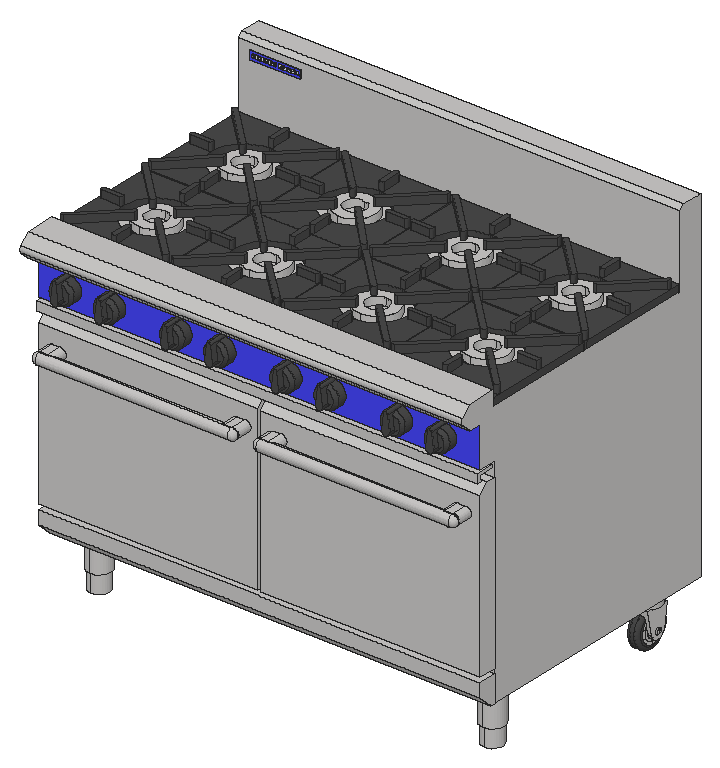
Revit family "QF_MOFFAT_BLUESEAL_CE_G528D", category Specialty Equipment, Revit 2012 (continued)
Definition of nested family "GAS BURNER 1200"
  Automatic sketch dimensions
    plane 1 "BACK" to Extrusion 10 sketch curve = 109.5 mm
    Extrusion 10 sketch curve to Extrusion 10 sketch curve = 27 mm  (x2)
    Extrusion 10 sketch curve to Extrusion 10 sketch curve = 30 mm  (x2)
    Extrusion 10 sketch curve to plane 8 "Center X" = 92 mm
    plane 7 "Center Y" to Extrusion 10 sketch curve = 151 mm  (x2)
    plane 1 "BACK" to Extrusion 11 sketch curve = 0 mm
    plane 5 "FRONT" to Extrusion 11 sketch curve = 0 mm
    plane 4 "RIGHT" to Extrusion 11 sketch curve = 1 mm  (x2)
    plane 1 "BACK" to Extrusion 11 sketch curve = 3 mm  (x2)
    plane 8 "Center X" to Extrusion 11 sketch curve = 149 mm
    plane 8 "Center X" to Extrusion 11 sketch curve = 2 mm  (x2)
    Extrusion 11 sketch curve to plane 8 "Center X" = 1 mm
    Extrusion 11 sketch curve to Extrusion 11 sketch curve = 3 mm  (x3)
    Extrusion 11 sketch curve to plane 8 "Center X" = 151 mm
    Extrusion 11 sketch curve to plane 5 "FRONT" = 3 mm  (x2)
    plane 4 "RIGHT" to Extrusion 11 sketch curve = 149.991 mm  (x2)
    Extrusion 11 sketch curve to Extrusion 11 sketch curve = 146.009 mm  (x2)
    Extrusion 12 sketch curve to Extrusion 11 = 22.602 mm  (x2)
    Extrusion 12 sketch curve to Extrusion 11 = 25.398 mm  (x2)
    Extrusion 12 sketch curve to Extrusion 12 sketch curve = 4.525 mm  (x16)
    Extrusion 12 sketch curve to Extrusion 12 sketch curve = 49.204 mm  (x4)
    Extrusion 12 sketch curve to Extrusion 12 sketch curve = 55.923 mm  (x5)
    Extrusion 12 sketch curve to Extrusion 12 sketch curve = 0 mm  (x6)
    Extrusion 12 sketch curve to Extrusion 12 sketch curve = 20.524 mm  (x7)
    Extrusion 12 sketch curve to Extrusion 12 sketch curve = 6.4 mm  (x8)
    Extrusion 12 sketch curve to Extrusion 12 sketch curve = 53.847 mm  (x8)
    Extrusion 12 sketch curve to Extrusion 11 = 56.602 mm
    Extrusion 12 sketch curve to Extrusion 11 = 5.102 mm  (x6)
    Extrusion 12 sketch curve to Extrusion 11 = 13.653 mm  (x2)
    Extrusion 12 sketch curve to Extrusion 11 = 7.398 mm  (x2)
    Extrusion 12 sketch curve to Extrusion 11 = 4.602 mm  (x2)
    Extrusion 12 sketch curve to Extrusion 11 = 7.898 mm  (x4)
    Extrusion 12 sketch curve to Extrusion 11 = 31.653 mm  (x2)
    Extrusion 12 sketch curve to Extrusion 11 = 57.102 mm  (x2)
    Extrusion 12 sketch curve to Extrusion 11 = 14.153 mm
    Extrusion 13 sketch curve to Extrusion 13 sketch curve = 0 mm  (x24)
    plane 1 "BACK" to Extrusion 13 sketch curve = 109.5 mm
    Extrusion 13 sketch curve to Extrusion 13 sketch curve = 27 mm  (x2)
    Extrusion 13 sketch curve to Extrusion 13 sketch curve = 30 mm  (x2)
    Extrusion 13 sketch curve to plane 8 "Center X" = 92 mm
    plane 4 "RIGHT" to Extrusion 13 sketch curve = 150 mm  (x2)
    radius of Extrusion 1 sketch curve = 84.082 mm  (x2)
    radius of Extrusion 4 sketch curve = 84.082 mm  (x2)
    radius of Extrusion 9 sketch curve = 84.082 mm  (x2)
    radius of Extrusion 11 sketch curve = 84.082 mm  (x2)
Definition of nested family "WALDORF LOGO_FACE BASE"
  Parameters (values of type "WALDORF LOGO_FACE BASE")
    Show Logo [instance] = yes
    Default Elevation = 1219.2 mm
  Reference planes
    plane 1 "Center (Front/Back)": y = 0
    plane 2: z = 0
    plane 3 "Center (Left/Right)": x = 0
  Forms (mm)
    Extrusion 1, solid
      sketch origin (0, 0, 0) x (1, 0, 0) y (0, 1, 0)
        loop
          line (-1219.2, 1219.2) -> (-1219.2, -1219.2) -> (1219.2, -1219.2) -> (1219.2, 1219.2) -> (-1219.2, 1219.2)
      from 0 to -304.8
    Extrusion 2, solid, material "QF_Finishes_Blue", visible <- "Show Logo"
      sketch origin (0, -33.217, 0) x (1, 0, 0) y (0, 1, 0)
        loop
          arc (138, 31.942) -> (137.626, 32.844) -> (136.724, 33.217) r 1.276
          line (136.724, 33.217) -> (1.29, 33.217)
          arc (1.29, 33.217) -> (0.378, 32.839) -> (0, 31.927) r 1.29
          line (0, 31.927) -> (0, 11.507)
          arc (0, 11.507) -> (0.378, 10.595) -> (1.29, 10.217) r 1.29
          line (1.29, 10.217) -> (136.71, 10.217)
          arc (136.71, 10.217) -> (137.622, 10.595) -> (138, 11.507) r 1.29
          line (138, 11.507) -> (138, 31.942)
      from 0 to 1.588
    Extrusion 3, solid, material "QF_Finishes_White", visible <- "Show Logo"
      sketch origin (0, -33.217, 1.588) x (1, 0, 0) y (0, 1, 0)
        loop
          arc (108.946, 25.919) -> (107.613, 25.367) -> (107.061, 24.034) r 1.885
          line (107.061, 24.034) -> (107.061, 17.211) -> (112.704, 17.211) -> (112.704, 19.129) -> (115.546, 19.129) -> (115.546, 17.211) -> (121.584, 17.211) -> (121.584, 24.075)
          arc (121.584, 24.075) -> (121.043, 25.379) -> (119.739, 25.919) r 1.845
          line (119.739, 25.919) -> (108.946, 25.919)
        loop
          line (123.478, 25.919) -> (123.478, 17.163) -> (134.904, 17.163) -> (134.904, 19.129) -> (129.246, 19.129) -> (129.246, 25.919) -> (123.478, 25.919)
        loop
          line (112.704, 21.258) -> (115.546, 21.258) -> (115.546, 22.702)
          arc (115.546, 22.702) -> (115.344, 23.188) -> (114.858, 23.389) r 0.687
          line (114.858, 23.389) -> (113.363, 23.389)
          arc (113.363, 23.389) -> (112.897, 23.196) -> (112.704, 22.73) r 0.658
          line (112.704, 22.73) -> (112.704, 21.258)
        loop
          line (105.071, 25.919) -> (93.771, 25.919) -> (93.771, 17.163) -> (105.071, 17.163) -> (105.071, 19.063) -> (99.535, 19.063) -> (99.535, 20.437) -> (105.071, 20.437) -> (105.071, 22.278) -> (99.535, 22.278) -> (99.535, 23.587) -> (105.071, 23.587) -> (105.071, 25.919)
        loop
          line (91.104, 25.919) -> (79.541, 25.919)
          arc (79.541, 25.919) -> (78.558, 25.513) -> (78.152, 24.53) r 1.389
          line (78.152, 24.53) -> (78.152, 22.08)
          arc (78.152, 22.08) -> (78.558, 21.098) -> (79.541, 20.691) r 1.389
          line (79.541, 20.691) -> (86.346, 20.691) -> (86.346, 18.864) -> (83.266, 18.864) -> (83.266, 19.664) -> (78.152, 19.664) -> (78.152, 18.553)
          arc (78.152, 18.553) -> (78.558, 17.57) -> (79.541, 17.163) r 1.389
          line (79.541, 17.163) -> (91.063, 17.163)
          arc (91.063, 17.163) -> (92.045, 17.57) -> (92.452, 18.553) r 1.389
          line (92.452, 18.553) -> (92.452, 20.691)
          arc (92.452, 20.691) -> (92.045, 21.673) -> (91.063, 22.08) r 1.389
          line (91.063, 22.08) -> (83.266, 22.08) -> (83.266, 23.984) -> (86.346, 23.984) -> (86.346, 22.743) -> (92.452, 22.743) -> (92.452, 24.571)
          arc (92.452, 24.571) -> (92.057, 25.524) -> (91.104, 25.919) r 1.348
        loop
          line (70.705, 25.919) -> (59.405, 25.919) -> (59.405, 17.163) -> (70.705, 17.163) -> (70.705, 19.063) -> (65.169, 19.063) -> (65.169, 20.437) -> (70.705, 20.437) -> (70.705, 22.278) -> (65.169, 22.278) -> (65.169, 23.587) -> (70.705, 23.587) -> (70.705, 25.919)
        loop
          line (57.598, 25.919) -> (51.7, 25.919) -> (51.7, 20.18)
          arc (51.7, 20.18) -> (50.63, 19.11) -> (49.56, 20.18) r 1.07
          line (49.56, 20.18) -> (49.56, 25.919) -> (43.663, 25.919) -> (43.663, 19.049)
          arc (43.663, 19.049) -> (44.215, 17.716) -> (45.548, 17.163) r 1.885
          line (45.548, 17.163) -> (55.71, 17.163)
          arc (55.71, 17.163) -> (57.045, 17.716) -> (57.598, 19.051) r 1.887
          line (57.598, 19.051) -> (57.598, 25.919)
        loop
          line (31.62, 25.919) -> (31.62, 17.163) -> (43.046, 17.163) -> (43.046, 19.129) -> (37.388, 19.129) -> (37.388, 25.919) -> (31.62, 25.919)
        loop
          line (15.969, 25.919) -> (15.969, 17.163) -> (28.693, 17.163)
          arc (28.693, 17.163) -> (29.812, 17.627) -> (30.276, 18.746) r 1.582
          line (30.276, 18.746) -> (30.276, 20.447) -> (29.48, 21.243) -> (30.276, 22.039) -> (30.276, 24.332)
          arc (30.276, 24.332) -> (29.811, 25.454) -> (28.688, 25.919) r 1.587
          line (28.688, 25.919) -> (15.969, 25.919)
        loop
          line (21.449, 24.159) -> (21.449, 22.436) -> (23.862, 22.436)
          arc (23.862, 22.436) -> (24.723, 23.298) -> (23.862, 24.159) r 0.861
          line (23.862, 24.159) -> (21.449, 24.159)
        loop
          line (21.449, 20.244) -> (21.449, 18.522) -> (23.862, 18.522)
          arc (23.862, 18.522) -> (24.723, 19.383) -> (23.862, 20.244) r 0.861
          line (23.862, 20.244) -> (21.449, 20.244)
      from 0 to 0.2
    Extrusion 4, solid, material "QF_Finishes_Blue", visible <- "Show Logo"
      sketch origin (-126.498, -31.09, 1.588) x (1, 0, 0) y (0, 1, 0)
        loop
          line (136.738, 23.522) -> (136.738, 15.1)
          arc (136.738, 15.1) -> (140.756, 19.311) -> (136.738, 23.522) r 4.216
      from 0 to 0.2
    Extrusion 5, solid, material "QF_Finishes_Red", visible <- "Show Logo"
      sketch origin (146.849, -31.09, 1.588) x (-1, 0, 0) y (0, -1, 0)
        loop
          arc (136.738, -23.522) -> (140.756, -19.311) -> (136.738, -15.1) r 4.216
          line (136.738, -15.1) -> (136.738, -23.522)
      from 0 to 0.2
  Lines and regions (mm)
    Split face 1
      outline origin (-90.35, -30.793, 1.588) x (1, 0, 0) y (0, 1, 0)
        loop
          circle (100.54, 19.013) r 4.536
  Dimensions and locks
    aligned and locked: plane 2 to Extrusion 1
    aligned and locked: level to Extrusion 1
